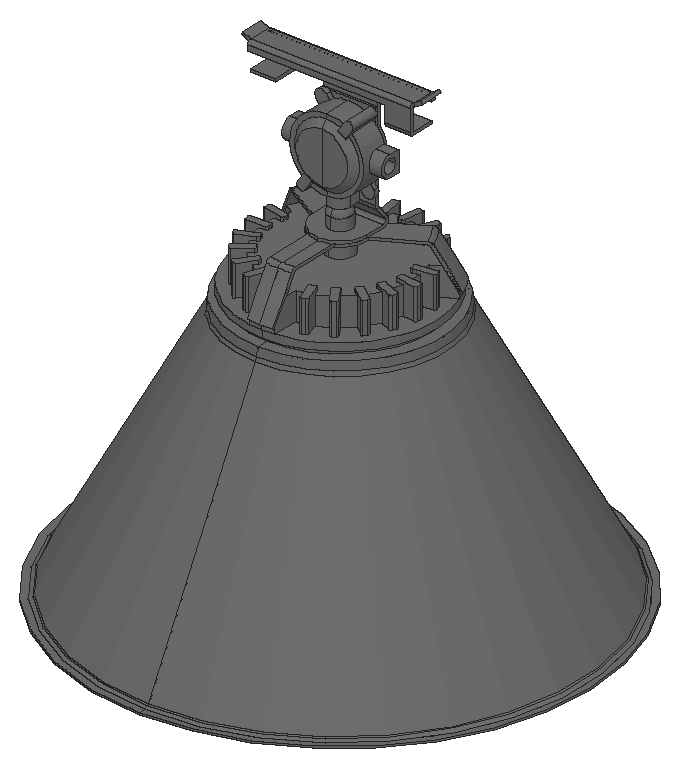
Revit family "Lighting_Outside_Zero_City_Wire", category Lighting Fixtures, Revit 2018
Family settings
  Round Connector Dimension = Use Diameter
  Part Type = Normal
  OmniClass Number = 23.80.70.00
  OmniClass Title = Lighting
  Work Plane-Based = No
  Always vertical = Yes
  Cut with Voids When Loaded = No
  Light Source = Yes
  Shared = No
  Room Calculation Point = No
Parameters (values of type "City wire catenary - 2120LM/32W Black On/Off")
  Wattage = 14.2721 W
  WarrantyStartDate [instance] = "n/a"
  WarrantyGuarantorParts = "n/a"
  WarrantyGuarantorLabor = "n/a"
  WarrantyDurationUnit = "Year"
  WarrantyDurationParts = "n/a"
  WarrantyDurationLabor = "n/a"
  WarrantyDescription = "n/a"
  built-in parameter 1150110 = 1 (stored number, unit not read)
  VersionDate = "16/12/2021"  # constant formula
  Version = "2"  # constant formula
  Uniclass2015Reference = "Pr_70_70_48_86"
  Uniclass2015Description = "Suspended luminaires"
  Uniclass2 = "Pr_70_70_49_86"
  URL = "https://www.zerolighting.com/cityvajer-utompe"
  TotalWattage = 32 W
  built-in parameter 1114217 = 1 (stored number, unit not read)
  Tilt Angle = 90.00°
  built-in parameter 1150109 = 1 (stored number, unit not read)
  built-in parameter 1150134 = (empty or 0)
  TagNumber [instance] = "n/a"
  SustainabilityPerformance = "n/a"
  built-in parameter 1150113 = 1 (stored number, unit not read)
  Size = "555x555x428 mm"
  Shape = "Cone"
  SerialNumber [instance] = "n/a"
  Revision = "6"  # constant formula
  ReplacementCost = "n/a"
  ProductInformation = "City has a wide range of applications: outdoor or indoor, enhancing retail environments, industries and public transport."
  ProductDatasheet = "https://www.zerolighting.com/s/City-vajer-catenary-outdoor.pdf"
  Photometric Web File = "City120813.IES"
  NumberOfSources = 0
  NumberOfPoles = 1
  Nominal_Width = 554.1 mm
  Nominal_Length = 554.1 mm
  Nominal_Height = 520.9 mm
  NominalVoltageCalc = 0 V
  NominalVoltage = 230 V
  NominalRadius = 277.5 mm
  NominalFrequencyRange = 50 Hz
  NominalDiameter = 555 mm
  Name = "Zero_City_Wire"
  NBSReference = "90-60-50/405"
  NBSDescription = "General purpose luminaires"
  ModelReference = "n/a"
  ModelNumber = "12081306-30"
  Model = "City wire catenary - 2120LM/32W Black On/Off"
  Material = "Metal"
  ManufacturersSpecificInformation = "n/a"
  ManufacturerURL = "https://www.zerolighting.com/"
  ManufacturerName = "Zero"  # constant formula
  Manufacturer = "Zero"
  Lumens = 2120 lm
  built-in parameter 1150115 = 1 (stored number, unit not read)
  built-in parameter 1150105 = 1666.5 (stored number, unit not read)
  LightFixturePlacingType = "Other"
  LightFixtureMountingType = "Suspended"
  LightFixtureMainMaterial = Black RAL 9005
  built-in parameter 1150137 = (empty or 0)
  built-in parameter 1150139 = (empty or 0)
  built-in parameter 1150112 = 1 (stored number, unit not read)
  built-in parameter 1150114 = 1 (stored number, unit not read)
  InsulationStandardClass = "n/a"
  InstallationDate [instance] = "n/a"
  built-in parameter 1150132 = 2
  built-in parameter 1150102 = (empty or 0)
  built-in parameter 1150138 = (empty or 0)
  built-in parameter 1150107 = 3000 (stored number, unit not read)
  built-in parameter 1150106 = 16.665 (stored number, unit not read)
  IfcExportType = "NOTDEFINED"  # constant formula
  IfcExportAs = "IfcLightFixtureType"  # constant formula
  IP_Code = "IP 20"
  HasProtectiveEarth = no
  Grade = "n/a"
  Finish = "Painted aluminum"
  Features = "Terminal block inside housing. Conduit entry"
  ExpectedLife = "n/a"
  ElectricalDeviceNominalPower = 32
  built-in parameter 1150104 = 13.8 (stored number, unit not read)
  DurationUnit = "Year"
  Dimming Lamp Color Temperature Shift = <None>
  Designer = "Thomas Bernstrand"
  Description = "City has a wide range of applications: outdoor or indoor, enhancing retail environments, industries and public transport."
  DefaultElevation = 0 mm
  Constituents = "Glass diffuser"
  Color Filter = 16777215
  Color = "Various"  # constant formula
  Collection = "City"
  CodePerformance = "n/a"
  Category = "Luminaires"
  Brand = "Zero"
  Barcode [instance] = "n/a"
  built-in parameter 1114218 = 1 (stored number, unit not read)
  BIMObjectName = "Lighting_Outside_Zero_City_Wire"  # constant formula
  Author = "BIMStone"  # constant formula
  built-in parameter 1150133 = 10 (stored number, unit not read)
  AssetType = "Fixed"
  AssetIdentifier [instance] = "n/a"
  ArticleNumber = ModelNumber  # "12081306-30"
  AccessibilityPerformance = "n/a"
Reference planes
  plane 1 "Light Source Axis (F/B)": y = 0
  plane 2: z = 0
  plane 3 "Light Source Axis (L/R)": x = 0
  plane 4 "Light Source Elevation": z = 120
  plane 5: y = 277.05
  plane 6: y = -277.05
  plane 7: x = 277.05
  plane 8: x = -277.05
  plane 9: z = 520.9
Dimensions and locks
  equal spacing: plane 8, plane 3 "Light Source Axis (L/R)", plane 7
  "Nominal_Length": plane 8 to plane 7
  equal spacing: plane 5, plane 1 "Light Source Axis (F/B)", plane 6
  "Nominal_Width": plane 5 to plane 6
  "Nominal_Height": plane 9 to level
  aligned and locked: plane 3 "Light Source Axis (L/R)" to imposter light
  aligned and locked: plane 1 "Light Source Axis (F/B)" to imposter light
  aligned and locked: plane 4 "Light Source Elevation" to imposter light
  aligned and locked: level to plane 2
Nested families
  nested 1: "CityPendant_Out" at (0, 0, 0), MainMaterial <- "LightFixtureMainMaterial", type "CityPendant_Out"
    with MainMaterial Black RAL 9005
Connectors
  electrical at (0, 0, 367.936), driven by "NominalVoltage"
    settings: on nested 1, index 1, voltage 230 V, apparent load 0 VA, apparent load phase1 0 VA, apparent load phase2 0 VA, apparent load phase3 0 VA, power factor 1, load classification "Other", number of poles 1, system type 31, power factor state 1, is connector primary yes, connector utility no, sub classification motor no, connector description ""
Definition of nested family "CityPendant_Out"
  Parameters (values of type "CityPendant_Out")
    MainMaterial [instance] = none
  Reference planes
    plane 1 "Center (Front/Back)": y = 0
    plane 2: z = 0
    plane 3 "Center (Left/Right)": x = 0
    plane 4: z = 520.896
  Forms (mm)
    Revolve 1, solid, material <- "MainMaterial", detail levels medium+fine
      sketch origin (0, 0, 0) x (0, 1, 0) y (0, 0, 1)
        loop
          line (277.052, 0) -> (277.052, 2) -> (269.952, 2) -> (266.24, 4.143) -> (264.916, 5.137) -> (116.85, 279.025) -> (115.462, 283.496) -> (114.463, 293) -> (0, 293) -> (0, 290) -> (111.762, 290) -> (112.509, 282.889) -> (114.072, 277.855) -> (264.283, 0) -> (277.052, 0)
        loop
          line (161.146, 129.956) -> (86.156, 267.898) -> (0, 267.898) -> (0, 261.817) -> (87.187, 261.817) -> (159.39, 129.002) -> (161.146, 129.956)
        axis (0, 0) -> (0, 293)
      angle from 0 to 360
    Extrusion 2, solid, material <- "MainMaterial", detail levels medium+fine
      sketch origin (0, 0, 0) x (1, 0, 0) y (0, 1, 0)
        loop
          line (-261.557, 56.75) -> (-241.75, 56.75) -> (-241.75, 91.25) -> (-251.607, 91.25)
          arc (-251.607, 91.25) -> (-257.161, 74.167) -> (-261.557, 56.75) r 267.643
        loop
          line (241.75, 0) -> (241.75, -17.25) -> (267.086, -17.25)
          arc (267.086, -17.25) -> (267.643, 0) -> (267.086, 17.25) r 267.643
          line (267.086, 17.25) -> (241.75, 17.25) -> (241.75, 0)
        loop
          arc (266.913, 19.75) -> (265.062, 37.079) -> (262.087, 54.25) r 267.643
          line (262.087, 54.25) -> (241.75, 54.25) -> (241.75, 19.75) -> (266.913, 19.75)
        loop
          arc (261.557, 56.75) -> (257.161, 74.167) -> (251.607, 91.25) r 267.643
          line (251.607, 91.25) -> (241.75, 91.25) -> (241.75, 56.75) -> (261.557, 56.75)
        loop
          arc (250.686, 93.75) -> (246.444, 104.393) -> (241.75, 114.845) r 267.643
          line (241.75, 114.845) -> (241.75, 93.75) -> (250.686, 93.75)
        loop
          line (-202.25, 165.25) -> (-202.25, 130.75) -> (-167.75, 130.75) -> (-167.75, 165.25) -> (-202.25, 165.25)
        loop
          line (-165.25, 165.25) -> (-165.25, 130.75) -> (-130.75, 130.75) -> (-130.75, 165.25) -> (-165.25, 165.25)
        loop
          line (-128.25, 165.25) -> (-128.25, 130.75) -> (-93.75, 130.75) -> (-93.75, 165.25) -> (-128.25, 165.25)
        loop
          line (-91.25, 165.25) -> (-91.25, 130.75) -> (-56.75, 130.75) -> (-56.75, 165.25) -> (-91.25, 165.25)
        loop
          line (-54.25, 165.25) -> (-54.25, 130.75) -> (-19.75, 130.75) -> (-19.75, 165.25) -> (-54.25, 165.25)
        loop
          line (-17.25, 165.25) -> (-17.25, 130.75) -> (17.25, 130.75) -> (17.25, 165.25) -> (-17.25, 165.25)
        loop
          line (19.75, 165.25) -> (19.75, 130.75) -> (54.25, 130.75) -> (54.25, 165.25) -> (19.75, 165.25)
        loop
          line (56.75, 165.25) -> (56.75, 130.75) -> (91.25, 130.75) -> (91.25, 165.25) -> (56.75, 165.25)
        loop
          line (93.75, 165.25) -> (93.75, 130.75) -> (128.25, 130.75) -> (128.25, 165.25) -> (93.75, 165.25)
        loop
          line (130.75, 165.25) -> (130.75, 130.75) -> (165.25, 130.75) -> (165.25, 165.25) -> (130.75, 165.25)
        loop
          line (167.75, 165.25) -> (167.75, 130.75) -> (202.25, 130.75) -> (202.25, 165.25) -> (167.75, 165.25)
        loop
          line (204.75, 165.25) -> (204.75, 130.75) -> (233.531, 130.75)
          arc (233.531, 130.75) -> (222.702, 148.446) -> (210.535, 165.25) r 267.643
          line (210.535, 165.25) -> (204.75, 165.25)
        loop
          line (266.913, -19.75) -> (241.75, -19.75) -> (241.75, -54.25) -> (262.087, -54.25)
          arc (262.087, -54.25) -> (265.062, -37.079) -> (266.913, -19.75) r 267.643
        loop
          line (261.557, -56.75) -> (241.75, -56.75) -> (241.75, -91.25) -> (251.607, -91.25)
          arc (251.607, -91.25) -> (257.161, -74.167) -> (261.557, -56.75) r 267.643
        loop
          line (250.686, -93.75) -> (241.75, -93.75) -> (241.75, -114.845)
          arc (241.75, -114.845) -> (246.444, -104.393) -> (250.686, -93.75) r 267.643
        loop
          line (-241.75, 0) -> (-241.75, 17.25) -> (-267.086, 17.25)
          arc (-267.086, 17.25) -> (-267.643, 0) -> (-267.086, -17.25) r 267.643
          line (-267.086, -17.25) -> (-241.75, -17.25) -> (-241.75, 0)
        loop
          line (-266.913, 19.75) -> (-241.75, 19.75) -> (-241.75, 54.25) -> (-262.087, 54.25)
          arc (-262.087, 54.25) -> (-265.062, 37.079) -> (-266.913, 19.75) r 267.643
        loop
          line (-250.686, 93.75) -> (-241.75, 93.75) -> (-241.75, 114.845)
          arc (-241.75, 114.845) -> (-246.444, 104.393) -> (-250.686, 93.75) r 267.643
        loop
          arc (-266.913, -19.75) -> (-265.062, -37.079) -> (-262.087, -54.25) r 267.643
          line (-262.087, -54.25) -> (-241.75, -54.25) -> (-241.75, -19.75) -> (-266.913, -19.75)
        loop
          arc (-261.557, -56.75) -> (-257.161, -74.167) -> (-251.607, -91.25) r 267.643
          line (-251.607, -91.25) -> (-241.75, -91.25) -> (-241.75, -56.75) -> (-261.557, -56.75)
        loop
          arc (-250.686, -93.75) -> (-246.444, -104.393) -> (-241.75, -114.845) r 267.643
          line (-241.75, -114.845) -> (-241.75, -93.75) -> (-250.686, -93.75)
        loop
          line (0, 241.75) -> (17.25, 241.75) -> (17.25, 267.086)
          arc (17.25, 267.086) -> (0, 267.643) -> (-17.25, 267.086) r 267.643
          line (-17.25, 267.086) -> (-17.25, 241.75) -> (0, 241.75)
        loop
          line (19.75, 266.913) -> (19.75, 241.75) -> (54.25, 241.75) -> (54.25, 262.087)
          arc (54.25, 262.087) -> (37.079, 265.062) -> (19.75, 266.913) r 267.643
        loop
          line (56.75, 261.557) -> (56.75, 241.75) -> (91.25, 241.75) -> (91.25, 251.607)
          arc (91.25, 251.607) -> (74.167, 257.161) -> (56.75, 261.557) r 267.643
        loop
          line (93.75, 250.686) -> (93.75, 241.75) -> (114.845, 241.75)
          arc (114.845, 241.75) -> (104.393, 246.444) -> (93.75, 250.686) r 267.643
        loop
          arc (-19.75, 266.913) -> (-37.079, 265.062) -> (-54.25, 262.087) r 267.643
          line (-54.25, 262.087) -> (-54.25, 241.75) -> (-19.75, 241.75) -> (-19.75, 266.913)
        loop
          arc (-56.75, 261.557) -> (-74.167, 257.161) -> (-91.25, 251.607) r 267.643
          line (-91.25, 251.607) -> (-91.25, 241.75) -> (-56.75, 241.75) -> (-56.75, 261.557)
        loop
          arc (-93.75, 250.686) -> (-104.393, 246.444) -> (-114.845, 241.75) r 267.643
          line (-114.845, 241.75) -> (-93.75, 241.75) -> (-93.75, 250.686)
        loop
          line (0, -241.75) -> (-17.25, -241.75) -> (-17.25, -267.086)
          arc (-17.25, -267.086) -> (0, -267.643) -> (17.25, -267.086) r 267.643
          line (17.25, -267.086) -> (17.25, -241.75) -> (0, -241.75)
        loop
          arc (19.75, -266.913) -> (37.079, -265.062) -> (54.25, -262.087) r 267.643
          line (54.25, -262.087) -> (54.25, -241.75) -> (19.75, -241.75) -> (19.75, -266.913)
        loop
          arc (56.75, -261.557) -> (74.167, -257.161) -> (91.25, -251.607) r 267.643
          line (91.25, -251.607) -> (91.25, -241.75) -> (56.75, -241.75) -> (56.75, -261.557)
        loop
          arc (93.75, -250.686) -> (104.393, -246.444) -> (114.845, -241.75) r 267.643
          line (114.845, -241.75) -> (93.75, -241.75) -> (93.75, -250.686)
        loop
          line (-19.75, -266.913) -> (-19.75, -241.75) -> (-54.25, -241.75) -> (-54.25, -262.087)
          arc (-54.25, -262.087) -> (-37.079, -265.062) -> (-19.75, -266.913) r 267.643
        loop
          line (-56.75, -261.557) -> (-56.75, -241.75) -> (-91.25, -241.75) -> (-91.25, -251.607)
          arc (-91.25, -251.607) -> (-74.167, -257.161) -> (-56.75, -261.557) r 267.643
        loop
          line (-93.75, -250.686) -> (-93.75, -241.75) -> (-114.845, -241.75)
          arc (-114.845, -241.75) -> (-104.393, -246.444) -> (-93.75, -250.686) r 267.643
        loop
          line (-204.75, 165.25) -> (-210.535, 165.25)
          arc (-210.535, 165.25) -> (-222.702, 148.446) -> (-233.531, 130.75) r 267.643
          line (-233.531, 130.75) -> (-204.75, 130.75) -> (-204.75, 165.25)
        loop
          line (-165.25, 202.25) -> (-165.25, 167.75) -> (-130.75, 167.75) -> (-130.75, 202.25) -> (-165.25, 202.25)
        loop
          line (-128.25, 202.25) -> (-128.25, 167.75) -> (-93.75, 167.75) -> (-93.75, 202.25) -> (-128.25, 202.25)
        loop
          line (-91.25, 202.25) -> (-91.25, 167.75) -> (-56.75, 167.75) -> (-56.75, 202.25) -> (-91.25, 202.25)
        loop
          line (-54.25, 202.25) -> (-54.25, 167.75) -> (-19.75, 167.75) -> (-19.75, 202.25) -> (-54.25, 202.25)
        loop
          line (-17.25, 202.25) -> (-17.25, 167.75) -> (17.25, 167.75) -> (17.25, 202.25) -> (-17.25, 202.25)
        loop
          line (-165.25, 210.535) -> (-165.25, 204.75) -> (-130.75, 204.75) -> (-130.75, 233.531)
          arc (-130.75, 233.531) -> (-148.446, 222.702) -> (-165.25, 210.535) r 267.643
        loop
          line (-128.25, 234.914) -> (-128.25, 204.75) -> (-93.75, 204.75) -> (-93.75, 239.25) -> (-119.966, 239.25)
          arc (-119.966, 239.25) -> (-124.127, 237.118) -> (-128.25, 234.914) r 267.643
        loop
          line (-91.25, 239.25) -> (-91.25, 204.75) -> (-56.75, 204.75) -> (-56.75, 239.25) -> (-91.25, 239.25)
        loop
          line (-54.25, 239.25) -> (-54.25, 204.75) -> (-19.75, 204.75) -> (-19.75, 239.25) -> (-54.25, 239.25)
        loop
          line (-17.25, 239.25) -> (-17.25, 204.75) -> (17.25, 204.75) -> (17.25, 239.25) -> (-17.25, 239.25)
        loop
          line (-165.25, 91.25) -> (-165.25, 56.75) -> (-130.75, 56.75) -> (-130.75, 91.25) -> (-165.25, 91.25)
        loop
          line (-128.25, 91.25) -> (-128.25, 56.75) -> (-93.75, 56.75) -> (-93.75, 91.25) -> (-128.25, 91.25)
        loop
          line (-91.25, 91.25) -> (-91.25, 56.75) -> (-56.75, 56.75) -> (-56.75, 91.25) -> (-91.25, 91.25)
        loop
          line (-54.25, 91.25) -> (-54.25, 56.75) -> (-19.75, 56.75) -> (-19.75, 91.25) -> (-54.25, 91.25)
        loop
          line (-17.25, 91.25) -> (-17.25, 56.75) -> (17.25, 56.75) -> (17.25, 91.25) -> (-17.25, 91.25)
        loop
          line (-165.25, 128.25) -> (-165.25, 93.75) -> (-130.75, 93.75) -> (-130.75, 128.25) -> (-165.25, 128.25)
        loop
          line (-128.25, 128.25) -> (-128.25, 93.75) -> (-93.75, 93.75) -> (-93.75, 128.25) -> (-128.25, 128.25)
        loop
          line (-91.25, 128.25) -> (-91.25, 93.75) -> (-56.75, 93.75) -> (-56.75, 128.25) -> (-91.25, 128.25)
        loop
          line (-54.25, 128.25) -> (-54.25, 93.75) -> (-19.75, 93.75) -> (-19.75, 128.25) -> (-54.25, 128.25)
        loop
          line (-17.25, 128.25) -> (-17.25, 93.75) -> (17.25, 93.75) -> (17.25, 128.25) -> (-17.25, 128.25)
        loop
          line (-165.25, 17.25) -> (-165.25, -17.25) -> (-130.75, -17.25) -> (-130.75, 17.25) -> (-165.25, 17.25)
        loop
          line (-128.25, 17.25) -> (-128.25, -17.25) -> (-93.75, -17.25) -> (-93.75, 17.25) -> (-128.25, 17.25)
        loop
          line (-91.25, 17.25) -> (-91.25, -17.25) -> (-56.75, -17.25) -> (-56.75, 17.25) -> (-91.25, 17.25)
        loop
          line (-54.25, 17.25) -> (-54.25, -17.25) -> (-19.75, -17.25) -> (-19.75, 17.25) -> (-54.25, 17.25)
        loop
          line (-17.25, 17.25) -> (-17.25, -17.25) -> (17.25, -17.25) -> (17.25, 17.25) -> (-17.25, 17.25)
        loop
          line (-165.25, 54.25) -> (-165.25, 19.75) -> (-130.75, 19.75) -> (-130.75, 54.25) -> (-165.25, 54.25)
        loop
          line (-128.25, 54.25) -> (-128.25, 19.75) -> (-93.75, 19.75) -> (-93.75, 54.25) -> (-128.25, 54.25)
        loop
          line (-91.25, 54.25) -> (-91.25, 19.75) -> (-56.75, 19.75) -> (-56.75, 54.25) -> (-91.25, 54.25)
        loop
          line (-54.25, 54.25) -> (-54.25, 19.75) -> (-19.75, 19.75) -> (-19.75, 54.25) -> (-54.25, 54.25)
        loop
          line (-17.25, 54.25) -> (-17.25, 19.75) -> (17.25, 19.75) -> (17.25, 54.25) -> (-17.25, 54.25)
        loop
          line (-165.25, -56.75) -> (-165.25, -91.25) -> (-130.75, -91.25) -> (-130.75, -56.75) -> (-165.25, -56.75)
        loop
          line (-128.25, -56.75) -> (-128.25, -91.25) -> (-93.75, -91.25) -> (-93.75, -56.75) -> (-128.25, -56.75)
        loop
          line (-91.25, -56.75) -> (-91.25, -91.25) -> (-56.75, -91.25) -> (-56.75, -56.75) -> (-91.25, -56.75)
        loop
          line (-54.25, -56.75) -> (-54.25, -91.25) -> (-19.75, -91.25) -> (-19.75, -56.75) -> (-54.25, -56.75)
        loop
          line (-17.25, -56.75) -> (-17.25, -91.25) -> (17.25, -91.25) -> (17.25, -56.75) -> (-17.25, -56.75)
        loop
          line (-165.25, -19.75) -> (-165.25, -54.25) -> (-130.75, -54.25) -> (-130.75, -19.75) -> (-165.25, -19.75)
        loop
          line (-128.25, -19.75) -> (-128.25, -54.25) -> (-93.75, -54.25) -> (-93.75, -19.75) -> (-128.25, -19.75)
        loop
          line (-91.25, -19.75) -> (-91.25, -54.25) -> (-56.75, -54.25) -> (-56.75, -19.75) -> (-91.25, -19.75)
        loop
          line (-54.25, -19.75) -> (-54.25, -54.25) -> (-19.75, -54.25) -> (-19.75, -19.75) -> (-54.25, -19.75)
        loop
          line (-17.25, -19.75) -> (-17.25, -54.25) -> (17.25, -54.25) -> (17.25, -19.75) -> (-17.25, -19.75)
        loop
          line (-165.25, -130.75) -> (-165.25, -165.25) -> (-130.75, -165.25) -> (-130.75, -130.75) -> (-165.25, -130.75)
        loop
          line (-128.25, -130.75) -> (-128.25, -165.25) -> (-93.75, -165.25) -> (-93.75, -130.75) -> (-128.25, -130.75)
        loop
          line (-91.25, -130.75) -> (-91.25, -165.25) -> (-56.75, -165.25) -> (-56.75, -130.75) -> (-91.25, -130.75)
        loop
          line (-54.25, -130.75) -> (-54.25, -165.25) -> (-19.75, -165.25) -> (-19.75, -130.75) -> (-54.25, -130.75)
        loop
          line (-17.25, -130.75) -> (-17.25, -165.25) -> (17.25, -165.25) -> (17.25, -130.75) -> (-17.25, -130.75)
        loop
          line (-165.25, -93.75) -> (-165.25, -128.25) -> (-130.75, -128.25) -> (-130.75, -93.75) -> (-165.25, -93.75)
        loop
          line (-128.25, -93.75) -> (-128.25, -128.25) -> (-93.75, -128.25) -> (-93.75, -93.75) -> (-128.25, -93.75)
        loop
          line (-91.25, -93.75) -> (-91.25, -128.25) -> (-56.75, -128.25) -> (-56.75, -93.75) -> (-91.25, -93.75)
        loop
          line (-54.25, -93.75) -> (-54.25, -128.25) -> (-19.75, -128.25) -> (-19.75, -93.75) -> (-54.25, -93.75)
        loop
          line (-17.25, -93.75) -> (-17.25, -128.25) -> (17.25, -128.25) -> (17.25, -93.75) -> (-17.25, -93.75)
        loop
          line (-165.25, -204.75) -> (-165.25, -210.535)
          arc (-165.25, -210.535) -> (-148.446, -222.702) -> (-130.75, -233.531) r 267.643
          line (-130.75, -233.531) -> (-130.75, -204.75) -> (-165.25, -204.75)
        loop
          line (-128.25, -204.75) -> (-128.25, -234.914)
          arc (-128.25, -234.914) -> (-124.127, -237.118) -> (-119.966, -239.25) r 267.643
          line (-119.966, -239.25) -> (-93.75, -239.25) -> (-93.75, -204.75) -> (-128.25, -204.75)
        loop
          line (-91.25, -204.75) -> (-91.25, -239.25) -> (-56.75, -239.25) -> (-56.75, -204.75) -> (-91.25, -204.75)
        loop
          line (-54.25, -204.75) -> (-54.25, -239.25) -> (-19.75, -239.25) -> (-19.75, -204.75) -> (-54.25, -204.75)
        loop
          line (-17.25, -204.75) -> (-17.25, -239.25) -> (17.25, -239.25) -> (17.25, -204.75) -> (-17.25, -204.75)
        loop
          line (-165.25, -167.75) -> (-165.25, -202.25) -> (-130.75, -202.25) -> (-130.75, -167.75) -> (-165.25, -167.75)
        loop
          line (-128.25, -167.75) -> (-128.25, -202.25) -> (-93.75, -202.25) -> (-93.75, -167.75) -> (-128.25, -167.75)
        loop
          line (-91.25, -167.75) -> (-91.25, -202.25) -> (-56.75, -202.25) -> (-56.75, -167.75) -> (-91.25, -167.75)
        loop
          line (-54.25, -167.75) -> (-54.25, -202.25) -> (-19.75, -202.25) -> (-19.75, -167.75) -> (-54.25, -167.75)
        loop
          line (-17.25, -167.75) -> (-17.25, -202.25) -> (17.25, -202.25) -> (17.25, -167.75) -> (-17.25, -167.75)
        loop
          line (-167.75, 204.75) -> (-167.75, 208.548)
          arc (-167.75, 208.548) -> (-170.068, 206.662) -> (-172.366, 204.75) r 267.643
          line (-172.366, 204.75) -> (-167.75, 204.75)
        loop
          arc (-175.292, 202.25) -> (-189.252, 189.252) -> (-202.25, 175.292) r 267.642
          line (-202.25, 175.292) -> (-202.25, 167.75) -> (-167.75, 167.75) -> (-167.75, 202.25) -> (-175.292, 202.25)
        loop
          line (-204.75, 167.75) -> (-204.75, 172.366)
          arc (-204.75, 172.366) -> (-206.662, 170.068) -> (-208.548, 167.75) r 267.643
          line (-208.548, 167.75) -> (-204.75, 167.75)
        loop
          line (165.25, 202.25) -> (130.75, 202.25) -> (130.75, 167.75) -> (165.25, 167.75) -> (165.25, 202.25)
        loop
          line (128.25, 202.25) -> (93.75, 202.25) -> (93.75, 167.75) -> (128.25, 167.75) -> (128.25, 202.25)
        loop
          line (91.25, 202.25) -> (56.75, 202.25) -> (56.75, 167.75) -> (91.25, 167.75) -> (91.25, 202.25)
        loop
          line (54.25, 202.25) -> (19.75, 202.25) -> (19.75, 167.75) -> (54.25, 167.75) -> (54.25, 202.25)
        loop
          arc (165.25, 210.535) -> (148.446, 222.702) -> (130.75, 233.531) r 267.643
          line (130.75, 233.531) -> (130.75, 204.75) -> (165.25, 204.75) -> (165.25, 210.535)
        loop
          arc (128.25, 234.914) -> (124.127, 237.118) -> (119.966, 239.25) r 267.643
          line (119.966, 239.25) -> (93.75, 239.25) -> (93.75, 204.75) -> (128.25, 204.75) -> (128.25, 234.914)
        loop
          line (91.25, 239.25) -> (56.75, 239.25) -> (56.75, 204.75) -> (91.25, 204.75) -> (91.25, 239.25)
        loop
          line (54.25, 239.25) -> (19.75, 239.25) -> (19.75, 204.75) -> (54.25, 204.75) -> (54.25, 239.25)
        loop
          line (167.75, 204.75) -> (172.366, 204.75)
          arc (172.366, 204.75) -> (170.068, 206.662) -> (167.75, 208.548) r 267.643
          line (167.75, 208.548) -> (167.75, 204.75)
        loop
          line (175.292, 202.25) -> (167.75, 202.25) -> (167.75, 167.75) -> (202.25, 167.75) -> (202.25, 175.292)
          arc (202.25, 175.292) -> (189.252, 189.252) -> (175.292, 202.25) r 267.642
        loop
          line (204.75, 167.75) -> (208.548, 167.75)
          arc (208.548, 167.75) -> (206.662, 170.068) -> (204.75, 172.366) r 267.643
          line (204.75, 172.366) -> (204.75, 167.75)
        loop
          line (165.25, -202.25) -> (165.25, -167.75) -> (130.75, -167.75) -> (130.75, -202.25) -> (165.25, -202.25)
        loop
          line (128.25, -202.25) -> (128.25, -167.75) -> (93.75, -167.75) -> (93.75, -202.25) -> (128.25, -202.25)
        loop
          line (91.25, -202.25) -> (91.25, -167.75) -> (56.75, -167.75) -> (56.75, -202.25) -> (91.25, -202.25)
        loop
          line (54.25, -202.25) -> (54.25, -167.75) -> (19.75, -167.75) -> (19.75, -202.25) -> (54.25, -202.25)
        loop
          line (165.25, -210.535) -> (165.25, -204.75) -> (130.75, -204.75) -> (130.75, -233.531)
          arc (130.75, -233.531) -> (148.446, -222.702) -> (165.25, -210.535) r 267.643
        loop
          line (128.25, -234.914) -> (128.25, -204.75) -> (93.75, -204.75) -> (93.75, -239.25) -> (119.966, -239.25)
          arc (119.966, -239.25) -> (124.127, -237.118) -> (128.25, -234.914) r 267.643
        loop
          line (91.25, -239.25) -> (91.25, -204.75) -> (56.75, -204.75) -> (56.75, -239.25) -> (91.25, -239.25)
        loop
          line (54.25, -239.25) -> (54.25, -204.75) -> (19.75, -204.75) -> (19.75, -239.25) -> (54.25, -239.25)
        loop
          line (167.75, -204.75) -> (167.75, -208.548)
          arc (167.75, -208.548) -> (170.068, -206.662) -> (172.366, -204.75) r 267.643
          line (172.366, -204.75) -> (167.75, -204.75)
        loop
          arc (175.292, -202.25) -> (189.252, -189.252) -> (202.25, -175.292) r 267.642
          line (202.25, -175.292) -> (202.25, -167.75) -> (167.75, -167.75) -> (167.75, -202.25) -> (175.292, -202.25)
        loop
          line (204.75, -167.75) -> (204.75, -172.366)
          arc (204.75, -172.366) -> (206.662, -170.068) -> (208.548, -167.75) r 267.643
          line (208.548, -167.75) -> (204.75, -167.75)
        loop
          line (-167.75, -204.75) -> (-172.366, -204.75)
          arc (-172.366, -204.75) -> (-170.068, -206.662) -> (-167.75, -208.548) r 267.643
          line (-167.75, -208.548) -> (-167.75, -204.75)
        loop
          line (-175.292, -202.25) -> (-167.75, -202.25) -> (-167.75, -167.75) -> (-202.25, -167.75) -> (-202.25, -175.292)
          arc (-202.25, -175.292) -> (-189.252, -189.252) -> (-175.292, -202.25) r 267.642
        loop
          line (-204.75, -167.75) -> (-208.548, -167.75)
          arc (-208.548, -167.75) -> (-206.662, -170.068) -> (-204.75, -172.366) r 267.643
          line (-204.75, -172.366) -> (-204.75, -167.75)
        loop
          line (-204.75, -165.25) -> (-204.75, -130.75) -> (-233.531, -130.75)
          arc (-233.531, -130.75) -> (-222.702, -148.446) -> (-210.535, -165.25) r 267.643
          line (-210.535, -165.25) -> (-204.75, -165.25)
        loop
          line (-202.25, -165.25) -> (-167.75, -165.25) -> (-167.75, -130.75) -> (-202.25, -130.75) -> (-202.25, -165.25)
        loop
          line (165.25, -130.75) -> (130.75, -130.75) -> (130.75, -165.25) -> (165.25, -165.25) -> (165.25, -130.75)
        loop
          line (128.25, -130.75) -> (93.75, -130.75) -> (93.75, -165.25) -> (128.25, -165.25) -> (128.25, -130.75)
        loop
          line (91.25, -130.75) -> (56.75, -130.75) -> (56.75, -165.25) -> (91.25, -165.25) -> (91.25, -130.75)
        loop
          line (54.25, -130.75) -> (19.75, -130.75) -> (19.75, -165.25) -> (54.25, -165.25) -> (54.25, -130.75)
        loop
          line (204.75, -165.25) -> (210.535, -165.25)
          arc (210.535, -165.25) -> (222.702, -148.446) -> (233.531, -130.75) r 267.643
          line (233.531, -130.75) -> (204.75, -130.75) -> (204.75, -165.25)
        loop
          line (202.25, -165.25) -> (202.25, -130.75) -> (167.75, -130.75) -> (167.75, -165.25) -> (202.25, -165.25)
        loop
          line (165.25, 91.25) -> (130.75, 91.25) -> (130.75, 56.75) -> (165.25, 56.75) -> (165.25, 91.25)
        loop
          line (128.25, 91.25) -> (93.75, 91.25) -> (93.75, 56.75) -> (128.25, 56.75) -> (128.25, 91.25)
        loop
          line (91.25, 91.25) -> (56.75, 91.25) -> (56.75, 56.75) -> (91.25, 56.75) -> (91.25, 91.25)
        loop
          line (54.25, 91.25) -> (19.75, 91.25) -> (19.75, 56.75) -> (54.25, 56.75) -> (54.25, 91.25)
        loop
          line (165.25, 128.25) -> (130.75, 128.25) -> (130.75, 93.75) -> (165.25, 93.75) -> (165.25, 128.25)
        loop
          line (128.25, 128.25) -> (93.75, 128.25) -> (93.75, 93.75) -> (128.25, 93.75) -> (128.25, 128.25)
        loop
          line (91.25, 128.25) -> (56.75, 128.25) -> (56.75, 93.75) -> (91.25, 93.75) -> (91.25, 128.25)
        loop
          line (54.25, 128.25) -> (19.75, 128.25) -> (19.75, 93.75) -> (54.25, 93.75) -> (54.25, 128.25)
        loop
          line (165.25, 17.25) -> (130.75, 17.25) -> (130.75, -17.25) -> (165.25, -17.25) -> (165.25, 17.25)
        loop
          line (128.25, 17.25) -> (93.75, 17.25) -> (93.75, -17.25) -> (128.25, -17.25) -> (128.25, 17.25)
        loop
          line (91.25, 17.25) -> (56.75, 17.25) -> (56.75, -17.25) -> (91.25, -17.25) -> (91.25, 17.25)
        loop
          line (54.25, 17.25) -> (19.75, 17.25) -> (19.75, -17.25) -> (54.25, -17.25) -> (54.25, 17.25)
        loop
          line (165.25, 54.25) -> (130.75, 54.25) -> (130.75, 19.75) -> (165.25, 19.75) -> (165.25, 54.25)
        loop
          line (128.25, 54.25) -> (93.75, 54.25) -> (93.75, 19.75) -> (128.25, 19.75) -> (128.25, 54.25)
        loop
          line (91.25, 54.25) -> (56.75, 54.25) -> (56.75, 19.75) -> (91.25, 19.75) -> (91.25, 54.25)
        loop
          line (54.25, 54.25) -> (19.75, 54.25) -> (19.75, 19.75) -> (54.25, 19.75) -> (54.25, 54.25)
        loop
          line (165.25, -56.75) -> (130.75, -56.75) -> (130.75, -91.25) -> (165.25, -91.25) -> (165.25, -56.75)
        loop
          line (128.25, -56.75) -> (93.75, -56.75) -> (93.75, -91.25) -> (128.25, -91.25) -> (128.25, -56.75)
        loop
          line (91.25, -56.75) -> (56.75, -56.75) -> (56.75, -91.25) -> (91.25, -91.25) -> (91.25, -56.75)
        loop
          line (54.25, -56.75) -> (19.75, -56.75) -> (19.75, -91.25) -> (54.25, -91.25) -> (54.25, -56.75)
        loop
          line (165.25, -19.75) -> (130.75, -19.75) -> (130.75, -54.25) -> (165.25, -54.25) -> (165.25, -19.75)
        loop
          line (128.25, -19.75) -> (93.75, -19.75) -> (93.75, -54.25) -> (128.25, -54.25) -> (128.25, -19.75)
        loop
          line (91.25, -19.75) -> (56.75, -19.75) -> (56.75, -54.25) -> (91.25, -54.25) -> (91.25, -19.75)
        loop
          line (54.25, -19.75) -> (19.75, -19.75) -> (19.75, -54.25) -> (54.25, -54.25) -> (54.25, -19.75)
        loop
          line (165.25, -93.75) -> (130.75, -93.75) -> (130.75, -128.25) -> (165.25, -128.25) -> (165.25, -93.75)
        loop
          line (128.25, -93.75) -> (93.75, -93.75) -> (93.75, -128.25) -> (128.25, -128.25) -> (128.25, -93.75)
        loop
          line (91.25, -93.75) -> (56.75, -93.75) -> (56.75, -128.25) -> (91.25, -128.25) -> (91.25, -93.75)
        loop
          line (54.25, -93.75) -> (19.75, -93.75) -> (19.75, -128.25) -> (54.25, -128.25) -> (54.25, -93.75)
        loop
          line (-202.25, 91.25) -> (-202.25, 56.75) -> (-167.75, 56.75) -> (-167.75, 91.25) -> (-202.25, 91.25)
        loop
          line (-202.25, 128.25) -> (-202.25, 93.75) -> (-167.75, 93.75) -> (-167.75, 128.25) -> (-202.25, 128.25)
        loop
          line (-202.25, 17.25) -> (-202.25, -17.25) -> (-167.75, -17.25) -> (-167.75, 17.25) -> (-202.25, 17.25)
        loop
          line (-202.25, 54.25) -> (-202.25, 19.75) -> (-167.75, 19.75) -> (-167.75, 54.25) -> (-202.25, 54.25)
        loop
          line (-202.25, -56.75) -> (-202.25, -91.25) -> (-167.75, -91.25) -> (-167.75, -56.75) -> (-202.25, -56.75)
        loop
          line (-202.25, -19.75) -> (-202.25, -54.25) -> (-167.75, -54.25) -> (-167.75, -19.75) -> (-202.25, -19.75)
        loop
          line (-202.25, -93.75) -> (-202.25, -128.25) -> (-167.75, -128.25) -> (-167.75, -93.75) -> (-202.25, -93.75)
        loop
          line (-239.25, 91.25) -> (-239.25, 56.75) -> (-204.75, 56.75) -> (-204.75, 91.25) -> (-239.25, 91.25)
        loop
          line (-239.25, 119.966) -> (-239.25, 93.75) -> (-204.75, 93.75) -> (-204.75, 128.25) -> (-234.914, 128.25)
          arc (-234.914, 128.25) -> (-237.118, 124.127) -> (-239.25, 119.966) r 267.643
        loop
          line (-239.25, 17.25) -> (-239.25, -17.25) -> (-204.75, -17.25) -> (-204.75, 17.25) -> (-239.25, 17.25)
        loop
          line (-239.25, 54.25) -> (-239.25, 19.75) -> (-204.75, 19.75) -> (-204.75, 54.25) -> (-239.25, 54.25)
        loop
          line (-239.25, -56.75) -> (-239.25, -91.25) -> (-204.75, -91.25) -> (-204.75, -56.75) -> (-239.25, -56.75)
        loop
          line (-239.25, -19.75) -> (-239.25, -54.25) -> (-204.75, -54.25) -> (-204.75, -19.75) -> (-239.25, -19.75)
        loop
          line (-239.25, -93.75) -> (-239.25, -119.966)
          arc (-239.25, -119.966) -> (-237.118, -124.127) -> (-234.914, -128.25) r 267.643
          line (-234.914, -128.25) -> (-204.75, -128.25) -> (-204.75, -93.75) -> (-239.25, -93.75)
        loop
          line (202.25, 91.25) -> (167.75, 91.25) -> (167.75, 56.75) -> (202.25, 56.75) -> (202.25, 91.25)
        loop
          line (202.25, 128.25) -> (167.75, 128.25) -> (167.75, 93.75) -> (202.25, 93.75) -> (202.25, 128.25)
        loop
          line (202.25, 17.25) -> (167.75, 17.25) -> (167.75, -17.25) -> (202.25, -17.25) -> (202.25, 17.25)
        loop
          line (202.25, 54.25) -> (167.75, 54.25) -> (167.75, 19.75) -> (202.25, 19.75) -> (202.25, 54.25)
        loop
          line (202.25, -56.75) -> (167.75, -56.75) -> (167.75, -91.25) -> (202.25, -91.25) -> (202.25, -56.75)
        loop
          line (202.25, -19.75) -> (167.75, -19.75) -> (167.75, -54.25) -> (202.25, -54.25) -> (202.25, -19.75)
        loop
          line (202.25, -93.75) -> (167.75, -93.75) -> (167.75, -128.25) -> (202.25, -128.25) -> (202.25, -93.75)
        loop
          line (239.25, 91.25) -> (204.75, 91.25) -> (204.75, 56.75) -> (239.25, 56.75) -> (239.25, 91.25)
        loop
          arc (239.25, 119.966) -> (237.118, 124.127) -> (234.914, 128.25) r 267.643
          line (234.914, 128.25) -> (204.75, 128.25) -> (204.75, 93.75) -> (239.25, 93.75) -> (239.25, 119.966)
        loop
          line (239.25, 17.25) -> (204.75, 17.25) -> (204.75, -17.25) -> (239.25, -17.25) -> (239.25, 17.25)
        loop
          line (239.25, 54.25) -> (204.75, 54.25) -> (204.75, 19.75) -> (239.25, 19.75) -> (239.25, 54.25)
        loop
          line (239.25, -56.75) -> (204.75, -56.75) -> (204.75, -91.25) -> (239.25, -91.25) -> (239.25, -56.75)
        loop
          line (239.25, -19.75) -> (204.75, -19.75) -> (204.75, -54.25) -> (239.25, -54.25) -> (239.25, -19.75)
        loop
          line (239.25, -93.75) -> (204.75, -93.75) -> (204.75, -128.25) -> (234.914, -128.25)
          arc (234.914, -128.25) -> (237.118, -124.127) -> (239.25, -119.966) r 267.643
          line (239.25, -119.966) -> (239.25, -93.75)
        loop
          circle (0, 0) r 268.643
      from 0 to 5.137
    Revolve 3, void
      sketch origin (0, 0, 0) x (1, 0, 0) y (0, 0, 1)
        loop
          line (0, 277.237) -> (0, 293) -> (-137.587, 293) -> (-287.319, 17.227) -> (-287.319, -12.773) -> (-269.807, -12.773) -> (-112.346, 277.237) -> (0, 277.237)
        axis (0, 293) -> (0, -12.773)
      angle from 0 to 360
    Extrusion 4, solid, material <- "MainMaterial", detail levels medium+fine
      sketch origin (0, 640.787, 642.637) x (0, -1, 0) y (1, 0, 0)
        loop
          line (708.716, -28.944) -> (728.286, -36.087)
          arc (728.286, -36.087) -> (729.793, -36.032) -> (730.833, -34.939) r 2
          arc (730.833, -34.939) -> (731.558, -33.023) -> (732.238, -31.091) r 85.604
          arc (732.238, -31.091) -> (732.146, -29.585) -> (731.029, -28.572) r 2
          line (731.029, -28.572) -> (711.459, -21.429)
          arc (711.459, -21.429) -> (709.951, -21.484) -> (708.911, -22.577) r 2
          arc (708.911, -22.577) -> (708.186, -24.492) -> (707.507, -26.425) r 85.604
          arc (707.507, -26.425) -> (707.598, -27.93) -> (708.716, -28.944) r 2
        loop
          line (698.092, -46.513) -> (714.935, -58.774)
          arc (714.935, -58.774) -> (716.399, -59.136) -> (717.7, -58.372) r 2
          arc (717.7, -58.372) -> (718.925, -56.731) -> (720.111, -55.061) r 85.604
          arc (720.111, -55.061) -> (720.438, -53.588) -> (719.643, -52.306) r 2
          line (719.643, -52.306) -> (702.8, -40.045)
          arc (702.8, -40.045) -> (701.336, -39.683) -> (700.035, -40.447) r 2
          arc (700.035, -40.447) -> (698.81, -42.088) -> (697.624, -43.758) r 85.604
          arc (697.624, -43.758) -> (697.297, -45.231) -> (698.092, -46.513) r 2
        loop
          line (683.037, -60.473) -> (695.848, -76.902)
          arc (695.848, -76.902) -> (697.156, -77.653) -> (698.617, -77.278) r 2
          arc (698.617, -77.278) -> (700.247, -76.038) -> (701.847, -74.759) r 85.604
          arc (701.847, -74.759) -> (702.567, -73.434) -> (702.157, -71.982) r 2
          line (702.157, -71.982) -> (689.346, -55.554)
          arc (689.346, -55.554) -> (688.038, -54.802) -> (686.577, -55.178) r 2
          arc (686.577, -55.178) -> (684.947, -56.418) -> (683.347, -57.696) r 85.604
          arc (683.347, -57.696) -> (682.626, -59.022) -> (683.037, -60.473) r 2
        loop
          line (664.717, -69.743) -> (672.504, -89.066)
          arc (672.504, -89.066) -> (673.554, -90.149) -> (675.062, -90.191) r 2
          arc (675.062, -90.191) -> (676.97, -89.448) -> (678.861, -88.66) r 85.604
          arc (678.861, -88.66) -> (679.918, -87.585) -> (679.924, -86.076) r 2
          line (679.924, -86.076) -> (672.137, -66.753)
          arc (672.137, -66.753) -> (671.087, -65.67) -> (669.579, -65.628) r 2
          arc (669.579, -65.628) -> (667.671, -66.371) -> (665.781, -67.159) r 85.604
          arc (665.781, -67.159) -> (664.723, -68.235) -> (664.717, -69.743) r 2
        loop
          line (644.552, -73.604) -> (646.711, -94.325)
          arc (646.711, -94.325) -> (647.421, -95.656) -> (648.86, -96.111) r 2
          arc (648.86, -96.111) -> (650.899, -95.923) -> (652.933, -95.687) r 85.604
          arc (652.933, -95.687) -> (654.247, -94.945) -> (654.668, -93.496) r 2
          line (654.668, -93.496) -> (652.509, -72.775)
          arc (652.509, -72.775) -> (651.798, -71.445) -> (650.36, -70.989) r 2
          arc (650.36, -70.989) -> (648.321, -71.177) -> (646.286, -71.413) r 85.604
          arc (646.286, -71.413) -> (644.973, -72.156) -> (644.552, -73.604) r 2
        loop
          line (624.104, -71.757) -> (620.467, -92.27)
          arc (620.467, -92.27) -> (620.784, -93.746) -> (622.041, -94.58) r 2
          arc (622.041, -94.58) -> (624.053, -94.961) -> (626.073, -95.295) r 85.604
          arc (626.073, -95.295) -> (627.541, -94.943) -> (628.345, -93.667) r 2
          line (628.345, -93.667) -> (631.981, -73.154)
          arc (631.981, -73.154) -> (631.665, -71.679) -> (630.408, -70.844) r 2
          arc (630.408, -70.844) -> (628.396, -70.463) -> (626.375, -70.129) r 85.604
          arc (626.375, -70.129) -> (624.908, -70.481) -> (624.104, -71.757) r 2
        loop
          line (582.099, -44.158) -> (566.128, -57.535)
          arc (566.128, -57.535) -> (565.422, -58.868) -> (565.849, -60.315) r 2
          arc (565.849, -60.315) -> (567.145, -61.901) -> (568.479, -63.455) r 85.604
          arc (568.479, -63.455) -> (569.828, -64.129) -> (571.265, -63.668) r 2
          line (571.265, -63.668) -> (587.236, -50.291)
          arc (587.236, -50.291) -> (587.942, -48.958) -> (587.515, -47.511) r 2
          arc (587.515, -47.511) -> (586.219, -45.925) -> (584.885, -44.371) r 85.604
          arc (584.885, -44.371) -> (583.536, -43.697) -> (582.099, -44.158) r 2
        loop
          line (572.196, -26.173) -> (553.156, -34.629)
          arc (553.156, -34.629) -> (552.11, -35.716) -> (552.121, -37.225) r 2
          arc (552.121, -37.225) -> (552.93, -39.106) -> (553.784, -40.968) r 85.604
          arc (553.784, -40.968) -> (554.896, -41.988) -> (556.403, -41.941) r 2
          line (556.403, -41.941) -> (575.443, -33.484)
          arc (575.443, -33.484) -> (576.489, -32.397) -> (576.478, -30.889) r 2
          arc (576.478, -30.889) -> (575.669, -29.007) -> (574.815, -27.146) r 85.604
          arc (574.815, -27.146) -> (573.703, -26.126) -> (572.196, -26.173) r 2
        loop
          line (567.633, -6.155) -> (547, -9.036)
          arc (547, -9.036) -> (545.695, -9.792) -> (545.29, -11.245) r 2
          arc (545.29, -11.245) -> (545.549, -13.277) -> (545.857, -15.302) r 85.604
          arc (545.857, -15.302) -> (546.644, -16.588) -> (548.107, -16.959) r 2
          line (548.107, -16.959) -> (568.739, -14.078)
          arc (568.739, -14.078) -> (570.044, -13.321) -> (570.45, -11.868) r 2
          arc (570.45, -11.868) -> (570.191, -9.837) -> (569.883, -7.812) r 85.604
          arc (569.883, -7.812) -> (569.096, -6.525) -> (567.633, -6.155) r 2
        loop
          line (568.765, 14.345) -> (548.138, 17.263)
          arc (548.138, 17.263) -> (546.675, 16.896) -> (545.885, 15.611) r 2
          arc (545.885, 15.611) -> (545.574, 13.586) -> (545.311, 11.555) r 85.604
          arc (545.311, 11.555) -> (545.713, 10.101) -> (547.017, 9.342) r 2
          line (547.017, 9.342) -> (567.645, 6.424)
          arc (567.645, 6.424) -> (569.108, 6.792) -> (569.898, 8.077) r 2
          arc (569.898, 8.077) -> (570.209, 10.101) -> (570.471, 12.132) r 85.604
          arc (570.471, 12.132) -> (570.069, 13.586) -> (568.765, 14.345) r 2
        loop
          line (575.504, 33.739) -> (556.48, 42.23)
          arc (556.48, 42.23) -> (554.972, 42.28) -> (553.859, 41.262) r 2
          arc (553.859, 41.262) -> (553.002, 39.402) -> (552.189, 37.522) r 85.604
          arc (552.189, 37.522) -> (552.176, 36.014) -> (553.22, 34.925) r 2
          line (553.22, 34.925) -> (572.243, 26.434)
          arc (572.243, 26.434) -> (573.751, 26.384) -> (574.865, 27.402) r 2
          arc (574.865, 27.402) -> (575.722, 29.262) -> (576.534, 31.142) r 85.604
          arc (576.534, 31.142) -> (576.548, 32.65) -> (575.504, 33.739) r 2
        loop
          line (587.328, 50.525) -> (571.381, 63.93)
          arc (571.381, 63.93) -> (569.945, 64.394) -> (568.594, 63.723) r 2
          arc (568.594, 63.723) -> (567.258, 62.171) -> (565.959, 60.588) r 85.604
          arc (565.959, 60.588) -> (565.53, 59.141) -> (566.233, 57.807) r 2
          line (566.233, 57.807) -> (582.18, 44.401)
          arc (582.18, 44.401) -> (583.615, 43.938) -> (584.966, 44.609) r 2
          arc (584.966, 44.609) -> (586.303, 46.161) -> (587.602, 47.744) r 85.604
          arc (587.602, 47.744) -> (588.031, 49.19) -> (587.328, 50.525) r 2
        loop
          line (632.231, 73.102) -> (628.633, 93.622)
          arc (628.633, 93.622) -> (627.831, 94.9) -> (626.364, 95.254) r 2
          arc (626.364, 95.254) -> (624.343, 94.924) -> (622.33, 94.546) r 85.604
          arc (622.33, 94.546) -> (621.072, 93.714) -> (620.753, 92.24) r 2
          line (620.753, 92.24) -> (624.352, 71.72)
          arc (624.352, 71.72) -> (625.154, 70.442) -> (626.62, 70.088) r 2
          arc (626.62, 70.088) -> (628.641, 70.418) -> (630.654, 70.796) r 85.604
          arc (630.654, 70.796) -> (631.912, 71.628) -> (632.231, 73.102) r 2
        loop
          line (652.759, 72.686) -> (654.955, 93.403)
          arc (654.955, 93.403) -> (654.537, 94.852) -> (653.225, 95.597) r 2
          arc (653.225, 95.597) -> (651.191, 95.837) -> (649.152, 96.029) r 85.604
          arc (649.152, 96.029) -> (647.713, 95.576) -> (647, 94.246) r 2
          line (647, 94.246) -> (644.803, 73.53)
          arc (644.803, 73.53) -> (645.222, 72.08) -> (646.534, 71.336) r 2
          arc (646.534, 71.336) -> (648.568, 71.095) -> (650.607, 70.904) r 85.604
          arc (650.607, 70.904) -> (652.046, 71.357) -> (652.759, 72.686) r 2
        loop
          line (672.376, 66.628) -> (680.198, 85.937)
          arc (680.198, 85.937) -> (680.195, 87.446) -> (679.139, 88.523) r 2
          arc (679.139, 88.523) -> (677.25, 89.315) -> (675.343, 90.061) r 85.604
          arc (675.343, 90.061) -> (673.835, 90.022) -> (672.783, 88.941) r 2
          line (672.783, 88.941) -> (664.961, 69.632)
          arc (664.961, 69.632) -> (664.964, 68.123) -> (666.02, 67.046) r 2
          arc (666.02, 67.046) -> (667.909, 66.254) -> (669.816, 65.508) r 85.604
          arc (669.816, 65.508) -> (671.324, 65.547) -> (672.376, 66.628) r 2
        loop
          line (689.564, 55.398) -> (702.405, 71.803)
          arc (702.405, 71.803) -> (702.818, 73.254) -> (702.1, 74.58) r 2
          arc (702.1, 74.58) -> (700.503, 75.862) -> (698.875, 77.105) r 85.604
          arc (698.875, 77.105) -> (697.414, 77.483) -> (696.105, 76.734) r 2
          line (696.105, 76.734) -> (683.264, 60.329)
          arc (683.264, 60.329) -> (682.851, 58.878) -> (683.569, 57.551) r 2
          arc (683.569, 57.551) -> (685.167, 56.27) -> (686.794, 55.027) r 85.604
          arc (686.794, 55.027) -> (688.255, 54.648) -> (689.564, 55.398) r 2
        loop
          line (702.99, 39.865) -> (719.856, 52.095)
          arc (719.856, 52.095) -> (720.653, 53.376) -> (720.328, 54.849) r 2
          arc (720.328, 54.849) -> (719.146, 56.521) -> (717.924, 58.165) r 85.604
          arc (717.924, 58.165) -> (716.624, 58.931) -> (715.159, 58.571) r 2
          line (715.159, 58.571) -> (698.294, 46.341)
          arc (698.294, 46.341) -> (697.497, 45.06) -> (697.821, 43.587) r 2
          arc (697.821, 43.587) -> (699.004, 41.915) -> (700.226, 40.271) r 85.604
          arc (700.226, 40.271) -> (701.525, 39.505) -> (702.99, 39.865) r 2
        loop
          line (711.615, 21.233) -> (731.198, 28.34)
          arc (731.198, 28.34) -> (732.317, 29.352) -> (732.411, 30.857) r 2
          arc (732.411, 30.857) -> (731.736, 32.791) -> (731.014, 34.707) r 85.604
          arc (731.014, 34.707) -> (729.976, 35.802) -> (728.469, 35.86) r 2
          line (728.469, 35.86) -> (708.886, 28.753)
          arc (708.886, 28.753) -> (707.767, 27.741) -> (707.672, 26.236) r 2
          arc (707.672, 26.236) -> (708.348, 24.302) -> (709.07, 22.386) r 85.604
          arc (709.07, 22.386) -> (710.108, 21.291) -> (711.615, 21.233) r 2
      from -301.001 to -342
    Extrusion 5, solid, material <- "MainMaterial", detail levels medium+fine
      sketch origin (0, -0.236, 1226.676) x (-1, 0, 0) y (0, -1, 0)
        loop
          circle (0, 0) r 60
      from -958.778 to -936.676
    Extrusion 6, solid, material <- "MainMaterial", detail levels coarse
      sketch origin (0, 0, 0) x (1, 0, 0) y (0, 1, 0)
        loop
          line (-277.052, 277.052) -> (-277.052, -277.052) -> (277.052, -277.052) -> (277.052, 277.052) -> (-277.052, 277.052)
      from 0 to 520.896
    Revolve 7, solid, material <- "MainMaterial", detail levels medium+fine
      sketch origin (0, 640.787, 6.135) x (0, 0, 1) y (0, -1, 0)
        loop
          line (283.865, 641.022) -> (332.001, 641.022) -> (332.001, 721.485) -> (301.001, 721.485) -> (301.001, 748.945) -> (293, 748.945) -> (293, 742.671) -> (286.865, 742.351) -> (286.865, 743.522) -> (283.865, 743.522) -> (283.865, 641.022)
        axis (283.865, 641.022) -> (332.001, 641.022)
      angle from 0 to 360
    Extrusion 8, solid, material <- "MainMaterial", detail levels medium+fine
      sketch origin (0, 641.287, 6.135) x (0, 0, 1) y (0, -1, 0)
        loop
          line (332.001, 713.945) -> (332.001, 734.734) -> (303.895, 750.636) -> (301.001, 750.636) -> (301.001, 713.945) -> (332.001, 713.945)
      from -13.992 to 14.008
    Extrusion 9, solid, material <- "MainMaterial", detail levels medium+fine
      sketch origin (555.136, -320.237, 6.135) x (0, 0, 1) y (-0.866025, 0.5, 0)
        loop
          line (332.001, 713.945) -> (332.001, 734.234) -> (304.863, 749.588) -> (301.001, 749.588) -> (301.001, 713.945) -> (332.001, 713.945)
      from -13.992 to 14.008
    Extrusion 10, solid, material <- "MainMaterial", detail levels medium+fine
      sketch origin (-555.136, -320.237, 6.135) x (0, 0, 1) y (0.866025, 0.5, 0)
        loop
          line (332.001, 713.945) -> (332.001, 734.234) -> (303.237, 750.507) -> (301.001, 750.507) -> (301.001, 713.945) -> (332.001, 713.945)
      from -13.992 to 14.008
    Extrusion 11, void
      sketch origin (0, 634.323, 642.637) x (0, -1, 0) y (1, 0, 0)
        loop
          circle (634.559, 0) r 107.923
        loop
          circle (634.559, 0) r 117.923
      from -293 to -343.502
    Revolve 12, solid, material <- "MainMaterial", detail levels medium+fine
      sketch origin (0, -0.236, -113.66) x (0, 1, 0) y (0, 0, 1)
        loop
          line (0, 475.054) -> (-80, 475.054)
          arc (-80, 475.054) -> (-83.023, 474.237) -> (-85.222, 472.009) r 6
          line (-85.222, 472.009) -> (-110.671, 427.029) -> (-108.06, 425.551) -> (-82.611, 470.532)
          arc (-82.611, 470.532) -> (-81.511, 471.646) -> (-80, 472.054) r 3
          line (-80, 472.054) -> (0, 472.054) -> (0, 475.054)
        axis (0, 425.551) -> (0, 475.054)
      angle from 0 to 360
    Extrusion 13, void
      sketch origin (0, -0.236, -113.66) x (1, 0, 0) y (0, 1, 0)
        loop
          line (-15.978, 25.391) -> (-96.213, 71.715)
          arc (-96.213, 71.715) -> (-103.923, 60) -> (-110.213, 47.466) r 120
          line (-110.213, 47.466) -> (-29.978, 1.142)
          arc (-29.978, 1.142) -> (-25.981, -15) -> (-14, -26.533) r 30
          line (-14, -26.533) -> (-14, -119.181)
          arc (-14, -119.181) -> (0, -120) -> (14, -119.181) r 120
          line (14, -119.181) -> (14, -26.533)
          arc (14, -26.533) -> (25.981, -15) -> (29.978, 1.142) r 30
          line (29.978, 1.142) -> (110.213, 47.466)
          arc (110.213, 47.466) -> (103.923, 60) -> (96.213, 71.715) r 120
          line (96.213, 71.715) -> (15.978, 25.391)
          arc (15.978, 25.391) -> (0, 30) -> (-15.978, 25.391) r 30
        loop
          circle (0, 0) r 125
      from 390.553 to 478.554
    Revolve 14, solid, material <- "MainMaterial", detail levels medium+fine
      sketch origin (0, -0.236, -113.66) x (0, 1, 0) y (0, 0, 1)
        loop
          line (15, 472.054) -> (12.5, 472.054) -> (12.5, 490.492)
          arc (12.5, 490.492) -> (11.519, 494.529) -> (8.795, 497.667) r 8.799
          line (8.795, 497.667) -> (7.426, 499.651) -> (0, 499.651) -> (0, 451.795) -> (15, 451.795) -> (15, 472.054)
        axis (0, 451.795) -> (0, 499.651)
      angle from 0 to 360
    Extrusion 15, solid, material <- "MainMaterial", detail levels medium+fine
      sketch origin (0, -0.236, -113.66) x (0, 1, 0) y (0, 0, 1)
        loop
          line (27.649, 484.911) -> (15.934, 498.872)
          arc (15.934, 498.872) -> (15.24, 500.075) -> (14.999, 501.444) r 4
          line (14.999, 501.444) -> (14.999, 598.657) -> (11.999, 598.657) -> (11.999, 501.444)
          arc (11.999, 501.444) -> (12.421, 499.049) -> (13.636, 496.944) r 7
          line (13.636, 496.944) -> (25.351, 482.983)
          arc (25.351, 482.983) -> (25.772, 479.787) -> (23.053, 478.054) r 3
          line (23.053, 478.054) -> (0, 478.054) -> (0, 475.054) -> (23.053, 475.054)
          arc (23.053, 475.054) -> (28.491, 478.519) -> (27.649, 484.911) r 6
      from -30 to 30
    Extrusion 16, solid, material <- "MainMaterial", detail levels medium+fine
      sketch origin (0, -0.236, -113.66) x (1, 0, 0) y (0, 1, 0)
        loop
          arc (0, -30) -> (21.213, -21.213) -> (30, 0) r 30
          line (30, 0) -> (-30, 0)
          arc (-30, 0) -> (-21.213, -21.213) -> (0, -30) r 30
      from 475.054 to 478.054
    Extrusion 17, solid, material <- "MainMaterial", detail levels medium+fine
      sketch origin (0, -0.236, -113.66) x (0, 1, 0) y (0, 0, 1)
        loop
          line (17.999, 624.556) -> (17.999, 630.556)
          arc (17.999, 630.556) -> (16.827, 633.384) -> (13.999, 634.556) r 4
          line (13.999, 634.556) -> (-11.001, 634.556)
          arc (-11.001, 634.556) -> (-13.83, 633.384) -> (-15.001, 630.556) r 4
          line (-15.001, 630.556) -> (-15.001, 624.556) -> (-12.001, 624.556) -> (-12.001, 630.556)
          arc (-12.001, 630.556) -> (-11.709, 631.263) -> (-11.001, 631.556) r 1
          line (-11.001, 631.556) -> (13.999, 631.556)
          arc (13.999, 631.556) -> (14.706, 631.263) -> (14.999, 630.556) r 1
          line (14.999, 630.556) -> (14.999, 624.556) -> (17.999, 624.556)
      from -90 to 90
    Extrusion 18, solid, material <- "MainMaterial", detail levels medium+fine
      sketch origin (0, -0.236, -113.66) x (0, 1, 0) y (0, 0, 1)
        loop
          line (-11.001, 602.556) -> (13.999, 602.556)
          arc (13.999, 602.556) -> (16.827, 603.727) -> (17.999, 606.556) r 4
          line (17.999, 606.556) -> (17.999, 624.556) -> (14.999, 624.556) -> (14.999, 606.556)
          arc (14.999, 606.556) -> (14.706, 605.849) -> (13.999, 605.556) r 1
          line (13.999, 605.556) -> (-11.001, 605.556) -> (-11.001, 602.556)
      from -90 to -62
    Extrusion 19, solid, material <- "MainMaterial", detail levels medium+fine
      sketch origin (0, 2.762, -113.66) x (0, -1, 0) y (0, 0, 1)
        loop
          line (-11.001, 602.556) -> (13.999, 602.556)
          arc (13.999, 602.556) -> (16.827, 603.727) -> (17.999, 606.556) r 4
          line (17.999, 606.556) -> (17.999, 624.556) -> (14.999, 624.556) -> (14.999, 606.556)
          arc (14.999, 606.556) -> (14.706, 605.849) -> (13.999, 605.556) r 1
          line (13.999, 605.556) -> (-11.001, 605.556) -> (-11.001, 602.556)
      from -90 to -62
    Extrusion 20, solid, material <- "MainMaterial", detail levels medium+fine
      sketch origin (0, -0.236, -113.66) x (0, 1, 0) y (0, 0, 1)
        loop
          line (17.999, 566.056) -> (17.999, 624.556) -> (14.999, 624.556) -> (14.999, 566.056) -> (17.999, 566.056)
      from -30 to 30
    Extrusion 21, solid, material <- "MainMaterial", detail levels medium+fine
      sketch origin (0, -0.236, -113.66) x (1, 0, 0) y (0, 0, 1)
        loop
          arc (-30, 577.902) -> (0, 516.578) -> (30, 577.902) r 38
          line (30, 577.902) -> (30, 624.556) -> (-30, 624.556) -> (-30, 577.902)
      from -17.999 to -14.999
    Revolve 22, solid, material <- "MainMaterial", detail levels medium+fine
      sketch origin (0, -0.236, -113.66) x (0, 1, 0) y (0, 0, 1)
        loop
          line (-25.001, 583.092) -> (-25.001, 554.592) -> (11.999, 554.592) -> (11.999, 595.543) -> (-18.001, 595.528) -> (-18.001, 590.092) -> (-25.001, 583.092)
        axis (11.999, 554.592) -> (-25.001, 554.592)
      angle from 0 to 360
    Extrusion 23, solid, material <- "MainMaterial", detail levels medium+fine
      sketch origin (0, -0.236, -113.66) x (1, 0, 0) y (0, 0, 1)
        loop
          arc (30.135, 589.995) -> (28.811, 596.941) -> (21.865, 595.617) r 5
          line (21.865, 595.617) -> (-30.135, 519.117)
          arc (-30.135, 519.117) -> (-28.811, 512.171) -> (-21.865, 513.495) r 5
          line (-21.865, 513.495) -> (30.135, 589.995)
      from -11.999 to 20.501
    Extrusion 24, solid, material <- "MainMaterial", detail levels medium+fine
      sketch origin (0, -0.236, -113.66) x (0, 1, 0) y (0, 0, 1)
        loop
          line (11.999, 566.056) -> (0, 566.056)
          arc (0, 566.056) -> (-11.5, 554.556) -> (0, 543.056) r 11.5
          line (0, 543.056) -> (11.999, 543.056) -> (11.999, 566.056)
        loop
          circle (0, 554.556) r 8.085
      from -55 to 55
    Extrusion 25, solid, material <- "MainMaterial", detail levels medium+fine
      sketch origin (0, -0.236, -113.66) x (1, 0, 0) y (0, 0, 1)
        loop
          line (31.789, 520.241) -> (-20.211, 596.741)
          arc (-20.211, 596.741) -> (-29.935, 598.595) -> (-31.789, 588.871) r 7
          line (-31.789, 588.871) -> (20.211, 512.371)
          arc (20.211, 512.371) -> (29.935, 510.517) -> (31.789, 520.241) r 7
      from -11.999 to -6.999
    Extrusion 26, solid, material <- "MainMaterial", detail levels medium+fine
      sketch origin (0, -0.236, -113.66) x (1, 0, 0) y (0, 1, 0)
        loop
          line (-11.5, 11.999) -> (-11.5, -0.001)
          arc (-11.5, -0.001) -> (0, -11.501) -> (11.5, -0.001) r 11.5
          line (11.5, -0.001) -> (11.5, 11.999) -> (-11.5, 11.999)
      from 499.556 to 520.394
    Extrusion 27, solid, material <- "MainMaterial", detail levels medium+fine
      sketch origin (0, -0.236, -113.66) x (1, 0, 0) y (0, 0, 1)
        loop
          line (-100.001, 636.711) -> (-91.072, 631.556) -> (91.072, 631.556) -> (100.001, 636.711) -> (98.501, 639.309) -> (90.268, 634.556) -> (-90.268, 634.556) -> (-98.501, 639.309) -> (-100.001, 636.711)
      from -13.999 to 11.001
  Cuts and joins
    Revolve 3 cuts Extrusion 2
    Extrusion 13 cuts Revolve 12
    joined: Extrusion 15, Extrusion 16
    joined: Revolve 22, Extrusion 23, Extrusion 24, Extrusion 25, Extrusion 26
    joined: Extrusion 17, Extrusion 18, Extrusion 19, Extrusion 20, Extrusion 21, Extrusion 27
    Extrusion 11 cuts Extrusion 8
    Extrusion 11 cuts Extrusion 9
    Extrusion 11 cuts Extrusion 10
    joined: Revolve 1, Extrusion 4, Extrusion 5, Revolve 7, Extrusion 8, Extrusion 9, Extrusion 10
  Lines and regions (mm)
    symbolic lines, detail levels medium+fine
      curve 1: circle (0, 0, 0) r 277.052 normal (0, 0, 1)
      curve 5: line (0, 107.923, 299.135) -> (0, 107.923, 307.136)
      curve 6: line (0, 107.923, 307.136) -> (0, 95.745, 307.136)
      curve 7: line (0, 95.745, 307.136) -> (0, 95.732, 341.636)
      curve 8: line (0, 95.732, 341.636) -> (0, 64.165, 341.636)
      curve 18: line (0, -107.923, 312.326) -> (0, -107.923, 299.135)
      curve 19: line (0, 107.923, 299.135) -> (0, 101.649, 299.135)
      curve 24: line (0, 64.165, 341.636) -> (0, 58.943, 341.636)
      curve 50: line (-107.923, 0, 299.135) -> (-107.923, 0, 307.136)
      curve 51: line (-107.923, 0, 307.136) -> (-99.507, 0, 307.136)
      curve 52: line (-99.507, 0, 307.136) -> (-99.507, 0, 314.107)
      curve 53: line (-99.507, 0, 314.107) -> (-96.111, 0, 321.037)
      curve 54: line (-96.111, 0, 341.636) -> (-96.111, 0, 321.037)
      curve 55: line (-96.111, 0, 341.636) -> (-88.092, 0, 341.636)
